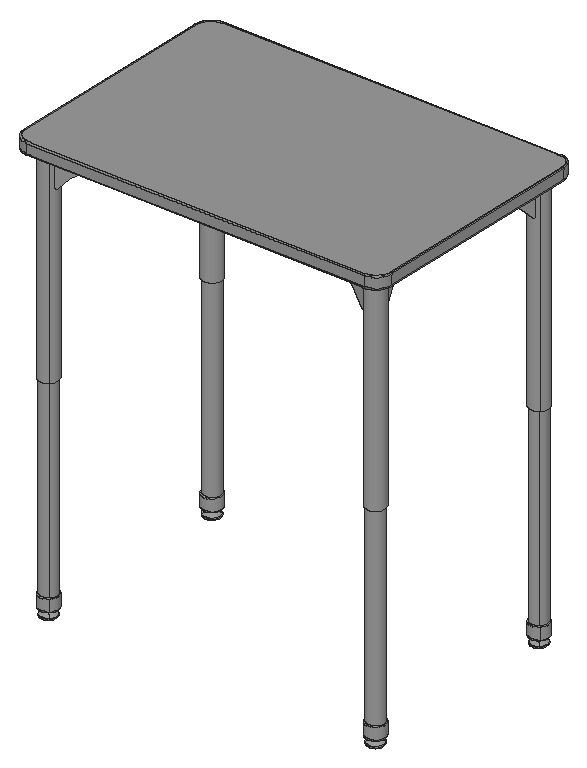
Revit family "Hierarchy Activity 36x24 Rectangle Table - Standing Height", category Furniture, Revit 2018
Family settings
  Work Plane-Based = No
  Always vertical = Yes
  Cut with Voids When Loaded = No
  Shared = No
  Room Calculation Point = No
Parameters
  Table Height = 3' - 5"
  Surface = Hierarchy Activity 36x24 Rectangle Table Standing Surface
  Leg Finish = Hierarchy Leg Platinum
  Edgeband = Hierarchy Activity 36x24 Rectangle Table Standing Edgeband
  Caster/Glide = Hierarchy Standing Leg - Glide : Hierarchy Standing Leg - Glide
Reference planes (in)
  plane 1 "Center (Front/Back)": y = 0
  plane 2: z = 0
  plane 3 "Center (Left/Right)": x = 0
  plane 4: z = 41
Dimensions and locks (in)
  "Table Height": plane 4 to level
  aligned and locked: plane 2 to level
  aligned and locked: nested 1 to plane 4
Nested families (in)
  nested 1: "Activity 36x24 Tabletop" at (0, 0, 17.075), type "Activity 36x24 Tabletop"
  nested 2: "Hierarchy Standing Leg - Glide" at (-16, 10, 0) x (0.7071, 0.7071, 0) z (0, 0, 1), Leg Height <- "Table Height", type <- "Caster/Glide", Leg Finish <- "Leg Finish", type "Hierarchy Standing Leg - Glide"
  nested 3: "Hierarchy Standing Leg - Glide" at (16, 10, 0) x (-0.7071, 0.7071, 0) z (0, 0, 1), Leg Height <- "Table Height", Leg Finish <- "Leg Finish", type "Hierarchy Standing Leg - Glide"
    with Leg Height 3' - 5", Leg Finish Hierarchy Leg Platinum
  nested 4: "Hierarchy Standing Leg - Glide" at (-16, -10, 0) x (0.7071, -0.7071, 0) z (0, 0, 1), Leg Height <- "Table Height", type <- "Caster/Glide", Leg Finish <- "Leg Finish", type "Hierarchy Standing Leg - Glide"
  nested 5: "Hierarchy Standing Leg - Glide" at (16, -10, 0) x (-0.7071, -0.7071, 0) z (0, 0, 1), Leg Height <- "Table Height", Leg Finish <- "Leg Finish", type "Hierarchy Standing Leg - Glide"
    with Leg Height 3' - 5", Leg Finish Hierarchy Leg Platinum
Definition of nested family "Activity 36x24 Tabletop"
  Parameters (values of type "Activity 36x24 Tabletop")
    Surface = none
    Edgeband = none
  Reference planes (in)
    plane 1 "Center (Front/Back)": y = 0
    plane 2: z = 0
    plane 3 "Center (Left/Right)": x = 0
  Forms (in)
    Extrusion 1, solid, material <- "Surface"
      sketch origin (0, 0, 0) x (1, 0, 0) y (0, 1, 0)
        loop
          line (16.5, 11.88189) -> (-16.5, 11.88189)
          arc (-16.5, 11.88189) -> (-17.47714, 11.47714) -> (-17.88189, 10.5) r 1.38189
          line (-17.88189, 10.5) -> (-17.88189, -10.5)
          arc (-17.88189, -10.5) -> (-17.47714, -11.47714) -> (-16.5, -11.88189) r 1.38189
          line (-16.5, -11.88189) -> (16.5, -11.88189)
          arc (16.5, -11.88189) -> (17.47714, -11.47714) -> (17.88189, -10.5) r 1.38189
          line (17.88189, -10.5) -> (17.88189, 10.5)
          arc (17.88189, 10.5) -> (17.47714, 11.47714) -> (16.5, 11.88189) r 1.38189
      from 23.925 to 25.125
    Sweep 2, solid, material <- "Edgeband"
      path origin (0, 0, 0) x (1, 0, 0) y (0, 1, 0)
        loop
          line (16.5, 11.88189) -> (-16.5, 11.88189)
          arc (-16.5, 11.88189) -> (-17.47714, 11.47714) -> (-17.88189, 10.5) r 1.38189
          line (-17.88189, 10.5) -> (-17.88189, -10.5)
          arc (-17.88189, -10.5) -> (-17.47714, -11.47714) -> (-16.5, -11.88189) r 1.38189
          line (-16.5, -11.88189) -> (16.5, -11.88189)
          arc (16.5, -11.88189) -> (17.47714, -11.47714) -> (17.88189, -10.5) r 1.38189
          line (17.88189, -10.5) -> (17.88189, 10.5)
          arc (17.88189, 10.5) -> (17.47714, 11.47714) -> (16.5, 11.88189) r 1.38189
      profile origin (0, 11.88189, 0) x (0, -1, 0) y (0, 0, 1)
        loop
          arc (0, 25.125) -> (-0.08352, 25.09041) -> (-0.11811, 25.00689) r 0.11811
          line (-0.11811, 25.00689) -> (-0.11811, 24.04311)
          arc (-0.11811, 24.04311) -> (-0.08352, 23.95959) -> (0, 23.925) r 0.11811
          line (0, 23.925) -> (0, 25.125)
  Dimensions and locks (in)
    aligned and locked: plane 2 to level
Definition of nested family "Hierarchy Standing Leg - Glide"
  Parameters (values of type "Hierarchy Standing Leg - Glide")
    Leg Finish [instance] = none
    Leg Height [instance] = 3' - 5"
  Reference planes (in)
    plane 1 "Center (Front/Back)": y = 0
    plane 2: z = 0
    plane 3 "Center (Left/Right)": x = 0
  Forms (in)
    Extrusion 1, solid
      sketch origin (-0.01562, 0, 0) x (1, 0, 0) y (0, 1, 0)
        loop
          circle (0.01563, 0) r 0.79147
      from 2 to 23.175
    Revolve 2, solid
      sketch origin (0, 0, 0) x (1, 0, 0) y (0, 0, 1)
        loop
          line (0, 2) -> (0, 0.74937) -> (0.84838, 0.74937)
          arc (0.84838, 0.74937) -> (0.89342, 0.76803) -> (0.91207, 0.81306) r 0.06369
          line (0.91207, 0.81306) -> (0.91207, 1.93631)
          arc (0.91207, 1.93631) -> (0.89342, 1.98134) -> (0.84838, 2) r 0.06369
          line (0.84838, 2) -> (0, 2)
        axis (0, 2) -> (0, 0.74937)
      angle from 0 to 360
    Revolve 3, solid
      sketch origin (0, 0, 0) x (1, 0, 0) y (0, 0, 1)
        loop
          line (0, 0.75) -> (0, 0) -> (0.74583, 0) -> (0.79147, 0.09013) -> (0.79147, 0.16241) -> (0.12474, 0.5) -> (0.12474, 0.75) -> (0, 0.75)
        axis (0, 0.75) -> (0, 0)
      angle from 0 to 360
  Dimensions and locks (in)
    "Leg Height": nested 1 to level
    aligned and locked: plane 2 to level
  Automatic sketch dimensions
    plane 1 "Center (Front/Back)" to Extrusion 1 sketch curve = 0' - 0"
    Extrusion 1 sketch curve to plane 3 "Center (Left/Right)" = 0' - 0"
    Revolve 2 sketch curve to plane 3 "Center (Left/Right)" = 0' - 0"  (x2)
    plane 3 "Center (Left/Right)" to Revolve 2 sketch curve = 0' - 0.84838"
    Revolve 2 sketch curve to Revolve 2 sketch curve = 0' - 0.84838"
    Revolve 2 sketch curve to Revolve 2 sketch curve = 0' - 0.06369"
    level to Revolve 2 sketch curve = 0' - 0.74937"
    Revolve 2 sketch curve to Revolve 2 sketch curve = 0' - 1.12324"
    Revolve 2 sketch curve to Revolve 2 sketch curve = 0' - 0.13731"
    Revolve 2 sketch curve to Revolve 2 sketch curve = 0' - 0 3/4"
    Revolve 3 sketch curve to plane 3 "Center (Left/Right)" = 0' - 0"  (x2)
    Revolve 3 sketch curve to level = 0' - 0"
    plane 3 "Center (Left/Right)" to Revolve 3 sketch curve = 0' - 0.12474"
    plane 3 "Center (Left/Right)" to Revolve 3 sketch curve = 0' - 0.74583"
    Revolve 3 sketch curve to Revolve 3 sketch curve = 0' - 0.04564"
    level to Revolve 3 sketch curve = 0' - 0.09013"
    Revolve 3 sketch curve to Revolve 3 sketch curve = 0' - 0.07228"
    level to Revolve 3 sketch curve = 0' - 0 1/2"
    Revolve 3 sketch curve to Revolve 3 sketch curve = 0' - 0 1/4"
    Revolve 3 sketch curve to level = 0' - 0 1/8"
    Revolve 3 sketch curve to Revolve 3 sketch curve = 0' - 0 1/8"
    radius of Extrusion 1 sketch curve = 0' - 0.79147"
  Nested families (in)
    nested 1: "Hierarchy Standing Upper Leg 2023" at (0, 0, 0.19983), Leg Finish <- "Leg Finish", type "Hierarchy Standing Upper Leg 2023"
      with Leg Finish none
  Definition of nested family "Hierarchy Standing Upper Leg 2023"
    Parameters (values of type "Hierarchy Standing Upper Leg 2023")
      Leg Finish [instance] = none
    Reference planes (in)
      plane 1 "Center (Front/Back)": y = 0
      plane 2: z = 0
      plane 3 "Center (Left/Right)": x = 0
    Forms (in)
      Extrusion 1, solid, material <- "Leg Finish"
        sketch origin (0, 0, 0) x (1, 0, 0) y (0, 1, 0)
          loop
            circle (0, 0) r 0.9129
        from 20.67418 to 40.67418
      Extrusion 2, solid, material <- "Leg Finish"
        sketch origin (0, 0, 12.998) x (1, 0, 0) y (0, 1, 0)
          loop
            line (-1.70174, 0.19183) -> (-3.96611, -4.49738)
            arc (-3.96611, -4.49738) -> (-3.91977, -5.33444) -> (-3.18615, -5.74016) r 0.86614
            line (-3.18615, -5.74016) -> (3.18615, -5.74016)
            arc (3.18615, -5.74016) -> (3.91977, -5.33444) -> (3.96611, -4.49738) r 0.86614
            line (3.96611, -4.49738) -> (1.70174, 0.19183)
            arc (1.70174, 0.19183) -> (0, 1.25984) -> (-1.70174, 0.19183) r 1.88976
        from 27.67618 to 27.80217
      Extrusion 3, solid, material <- "Leg Finish"
        sketch origin (12.41967, 1.58692, 0) x (0.434844, 0.900506, 0) y (0, 0, 1)
          loop
            arc (-12.68776, 40.67418) -> (-12.80559, 40.56418) -> (-12.70394, 40.43908) r 0.11811
            arc (-12.70394, 40.43908) -> (-9.98192, 39.53509) -> (-7.76426, 37.71614) r 7.87402
            arc (-7.76426, 37.71614) -> (-7.63344, 37.68136) -> (-7.55587, 37.79229) r 0.11811
            line (-7.55587, 37.79229) -> (-7.55587, 40.67418) -> (-12.68776, 40.67418)
        from -11.10976 to -10.98378
      Extrusion 4, solid, material <- "Leg Finish"
        sketch origin (-12.41967, 1.58692, 0) x (-0.434844, 0.900506, 0) y (0, 0, -1)
          loop
            line (-12.68776, -40.67418) -> (-7.55587, -40.67418) -> (-7.55587, -37.79229)
            arc (-7.55587, -37.79229) -> (-7.63344, -37.68136) -> (-7.76426, -37.71614) r 0.11811
            arc (-7.76426, -37.71614) -> (-9.98192, -39.53509) -> (-12.70394, -40.43908) r 7.87402
            arc (-12.70394, -40.43908) -> (-12.80559, -40.56418) -> (-12.68776, -40.67418) r 0.11811
        from -11.10976 to -10.98378
    Dimensions and locks (in)
      aligned and locked: plane 2 to level
